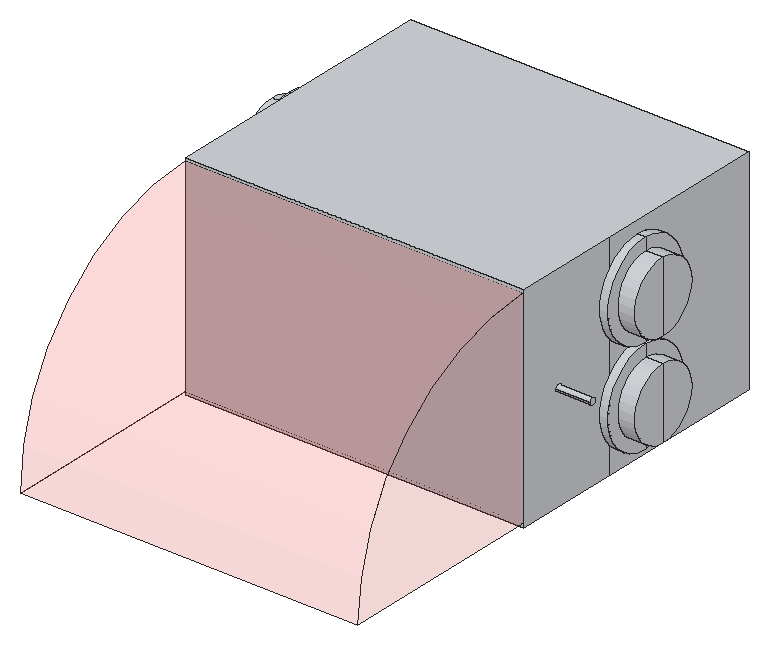
Revit family
Parameters (values of type "120 V Single Phase")
  Weight Scheduled [instance] = 70  # constant formula
  Voltage Workaround = Voltage / 1 V  # 120
  Voltage Scheduled = Voltage  # 120 V
  Voltage = 120 V  # constant formula
  VoltAmps Workaround [instance] = Voltage Workaround * Total FLA * sqrt(Phase)  # 180
  VoltAmps [instance] = VoltAmps Workaround * 1 VA  # 180 VA
  URL = "http://www.renewaire.com/_assets/files/SubmittalForms/EV200Submittal.pdf"
  Total FLA [instance] = 1.5  # constant formula
  Supply Motor RPM Scheduled [instance] = 0
  Supply Motor HP Scheduled [instance] = Supply Motor HP  # 0.1
  Supply Motor HP [instance] = 0.1  # constant formula
  Supply Motor FLA [instance] = 1.5  # constant formula
  Supply Motor Count Scheduled [instance] = Supply Motor Count  # 1
  Supply Motor Count [instance] = 1  # constant formula
  Supply ESP Scheduled [instance] = Supply ESP  # 0.7
  Supply ESP [instance] = if(Supply CFM < 123 CFM, 0.7, if(Supply CFM < 150 CFM, 0.6, if(Supply CFM < 169 CFM, 0.5, if(Supply CFM < 177 CFM, 0.4, if(Supply CFM < 187 CFM, 0.3, if(Supply CFM < 193 CFM, 0.2, if(Supply CFM < 208 CFM, 0.1, if(Supply CFM > 207 CFM, 0, 0))))))))  # 0.7
  Supply CFM Scheduled [instance] = Supply CFM  # 0 CFM
  Supply CFM [instance] = 0 CFM
  Supply Air Winter RH Scheduled [instance] = 0
  Supply Air Winter DB Scheduled [instance] = 0
  Supply Air Summer RH Scheduled [instance] = 0
  Supply Air Summer DB Scheduled [instance] = 0
  Phase Scheduled = Phase  # 1
  Phase = 1  # constant formula
  Outside Air Winter RH Scheduled [instance] = 0
  Outside Air Winter DB Scheduled [instance] = 0
  Outside Air Summer RH Scheduled [instance] = 0
  Outside Air Summer DB Scheduled [instance] = 0
  Number of Poles = 1
  Model = "EV200"
  Manufacturer = "RenewAire"
  MOCP Scheduled [instance] = 0
  MCA Scheduled [instance] = 0
  FLA Scheduled [instance] = Total FLA  # 1.5
  Exhaust RH Scheduled [instance] = 0
  Exhaust Motor RPM Scheduled [instance] = 0
  Exhaust Motor HP Scheduled [instance] = 0
  Exhaust Motor Count Scheduled [instance] = 0
  Exhaust ESP Scheduled [instance] = Exhaust ESP  # 0.7
  Exhaust ESP [instance] = if(Exhaust CFM < 123 CFM, 0.7, if(Exhaust CFM < 150 CFM, 0.6, if(Exhaust CFM < 169 CFM, 0.5, if(Exhaust CFM < 177 CFM, 0.4, if(Exhaust CFM < 187 CFM, 0.3, if(Exhaust CFM < 193 CFM, 0.2, if(Exhaust CFM < 208 CFM, 0.1, if(Exhaust CFM > 207 CFM, 0, 0))))))))  # 0.7
  Exhaust DB Scheduled [instance] = 0
  Exhaust CFM Scheduled [instance] = Exhaust CFM  # 0 CFM
  Exhaust CFM [instance] = 0 CFM
  Enthalpy Effect Winter Scheduled [instance] = if(Supply CFM < 123 CFM, 77, if(Supply CFM < 150 CFM, 75, if(Supply CFM < 169 CFM, 73, if(Supply CFM < 177 CFM, 72, if(Supply CFM < 187 CFM, 72, if(Supply CFM < 193 CFM, 71, if(Supply CFM < 208 CFM, 70, if(Supply CFM > 207 CFM, 0, 0))))))))  # 77
  Enthalpy Effect Summer Scheduled [instance] = if(Supply CFM < 123 CFM, 64, if(Supply CFM < 150 CFM, 61, if(Supply CFM < 169 CFM, 59, if(Supply CFM < 177 CFM, 59, if(Supply CFM < 187 CFM, 58, if(Supply CFM < 193 CFM, 57, if(Supply CFM < 208 CFM, 56, if(Supply CFM > 207 CFM, 0, 0))))))))  # 64
Reference planes (in)
  plane 1 "Center (Front/Back)": y = 0
  plane 2: z = 0
  plane 3 "Center (Left/Right)": x = 0
  plane 4 "Connector Centerline": y = 0.0625
  plane 5 "MOUNTING FLANGE": y = 11.9375
Forms (in)
  Extrusion 1, solid
    sketch origin (0, -5.4375, 0) x (1, 0, 0) y (0, 1, 0)
      loop
        line (-14.375, 17.375) -> (-14.375, -6.5) -> (14.375, -6.5) -> (14.375, 2.5) -> (14.375, 17.375) -> (-14.375, 17.375)
    from 1 to 19.125
  Extrusion 2, solid
    sketch origin (0, -5.4375, 0) x (0, 1, 0) y (0, 0, 1)
      loop
        line (-6.5, 1.25) -> (-6.5, 18.875)
        arc (-6.5, 18.875) -> (-18.96276, 13.71276) -> (-24.125, 1.25) r 17.625
        line (-24.125, 1.25) -> (-6.5, 1.25)
    from 14.375 to -14.375
  Revolve 3, solid
    sketch origin (0, 0.0625, 0) x (-1, 0, 0) y (0, 0, 1)
      loop
        line (-14.375, 18.12495) -> (-15.125, 18.12495) -> (-15.125, 17.125) -> (-16.625, 17.125) -> (-16.625, 14.125) -> (-14.375, 14.125) -> (-14.375, 18.12495)
      axis (-16.625, 14.125) -> (-14.375, 14.125)
    angle from 0 to 360
  Revolve 4, solid
    sketch origin (0, 0.0625, -8.125) x (-1, 0, 0) y (0, 0, 1)
      loop
        line (-14.375, 18.12495) -> (-15.125, 18.12495) -> (-15.125, 17.125) -> (-16.625, 17.125) -> (-16.625, 14.125) -> (-14.375, 14.125) -> (-14.375, 18.12495)
      axis (-16.625, 14.125) -> (-14.375, 14.125)
    angle from 0 to 360
  Revolve 5, solid
    sketch origin (0, 0.0625, 0) x (-1, 0, 0) y (0, 0, 1)
      loop
        line (14.375, 18.62495) -> (14.375, 14.625) -> (16.625, 14.625) -> (16.625, 17.625) -> (15.125, 17.625) -> (15.125, 18.62495) -> (14.375, 18.62495)
      axis (14.375, 14.625) -> (16.625, 14.625)
    angle from 0 to 360
  Revolve 6, solid
    sketch origin (0, 0.0625, -9.125) x (-1, 0, 0) y (0, 0, 1)
      loop
        line (14.375, 18.62495) -> (14.375, 14.625) -> (16.625, 14.625) -> (16.625, 17.625) -> (15.125, 17.625) -> (15.125, 18.62495) -> (14.375, 18.62495)
      axis (14.375, 14.625) -> (16.625, 14.625)
    angle from 0 to 360
  Extrusion 7, solid
    sketch origin (14.375, 32.12294, 0) x (0, -1, 0) y (0, 0, -1)
      loop
        circle (40.47532, -10.09537) r 0.25
    from 0 to 3
Cuts and joins
  joined: Extrusion 1, Revolve 3, Revolve 4, Revolve 5, Revolve 6
Lines and regions (in)
  model lines, style "RenewAire ERV"
    curve 1: line (-14.375, 11.9375, 19.125) -> (-13.375, 11.9375, 20.125)
    curve 2: line (-13.375, 11.9375, 20.125) -> (13.375, 11.9375, 20.125)
    curve 3: line (14.375, 11.9375, 19.125) -> (13.375, 11.9375, 20.125)
    curve 4: circle (-4, 11.9375, 19.56942) r 0.25 normal (0, 1, 0)
    curve 5: circle (-12, 11.9375, 19.56942) r 0.25 normal (0, 1, 0)
    curve 6: circle (4, 11.9375, 19.56942) r 0.25 normal (0, -1, 0)
    curve 7: circle (12, 11.9375, 19.56942) r 0.25 normal (0, -1, 0)
    curve 8: line (-14.375, 11.9375, 1) -> (-13.375, 11.9375, 0)
    curve 9: line (-13.375, 11.9375, 0) -> (13.375, 11.9375, 0)
    curve 10: line (14.375, 11.9375, 1) -> (13.375, 11.9375, 0)
    curve 11: circle (-4, 11.9375, 0.55558) r 0.25 normal (0, -1, 0)
    curve 12: circle (-12, 11.9375, 0.55558) r 0.25 normal (0, -1, 0)
    curve 13: circle (4, 11.9375, 0.55558) r 0.25 normal (0, 1, 0)
    curve 14: circle (12, 11.9375, 0.55558) r 0.25 normal (0, 1, 0)
Dimensions and locks (in)
  Extrusion 1 to plane 4 "Connector Centerline" = 0' - 11 7/8"
  Extrusion 2 sketch curve to cut or joined group of Extrusion 1, Revolve 3, Revolve 4, Revolve 5, Revolve 6 = 3' - 5 1/2"
  aligned and locked: plane 5 "MOUNTING FLANGE" to cut or joined group of Extrusion 1, Revolve 3, Revolve 4, Revolve 5, Revolve 6
Connectors (in)
  hvac at (16.625, 0.0625, 14.125), driven by "Exhaust CFM"
    settings: on Revolve 3, index 6, duct flow 0 CFM, flow factor 0, pres drop 0.00 in-wg, loss coef 0, conn angle 0.00°, conn width 12", conn height 12", conn radius 3", duct sys type 3, conn prof type 0, flow config 1, flow direction 2, loss method 0, conn ref index -1, conn util no, is conn primary yes, conn desc ""
  hvac at (16.625, 0.0625, 6), driven by "Supply CFM"
    settings: on Revolve 4, index 7, duct flow 0 CFM, flow factor 0, pres drop 0.00 in-wg, loss coef 0, conn angle 0.00°, conn width 12", conn height 12", conn radius 3", duct sys type 1, conn prof type 0, flow config 0, flow direction 2, loss method 0, conn ref index -1, conn util no, is conn primary no, conn desc ""
  hvac at (-16.625, 0.0625, 5.5), driven by "Exhaust CFM"
    settings: on Revolve 6, index 8, duct flow 0 CFM, flow factor 0, pres drop 0.00 in-wg, loss coef 0, conn angle 0.00°, conn width 12", conn height 12", conn radius 3", duct sys type 3, conn prof type 0, flow config 0, flow direction 1, loss method 0, conn ref index -1, conn util no, is conn primary no, conn desc ""
  hvac at (-16.625, 0.0625, 14.625), driven by "Supply CFM"
    settings: on Revolve 5, index 9, duct flow 0 CFM, flow factor 0, pres drop 0.00 in-wg, loss coef 0, conn angle 0.00°, conn width 12", conn height 12", conn radius 3", duct sys type 1, conn prof type 0, flow config 1, flow direction 1, loss method 0, conn ref index -1, conn util no, is conn primary no, conn desc ""
  electrical at (17.375, -8.35238, 10.09537), driven by "VoltAmps", driven by "Voltage", driven by "Number of Poles"
    settings: on Extrusion 7, index 10, voltage 120 V, apparent load 180 VA, apparent load phase1 0 VA, apparent load phase2 0 VA, apparent load phase3 0 VA, power factor 1, load classification "HVAC", number of poles 1, system type 30, power factor state 1, is connector primary yes, connector utility no, sub classification motor no, connector description "CORD CONNECTED"
